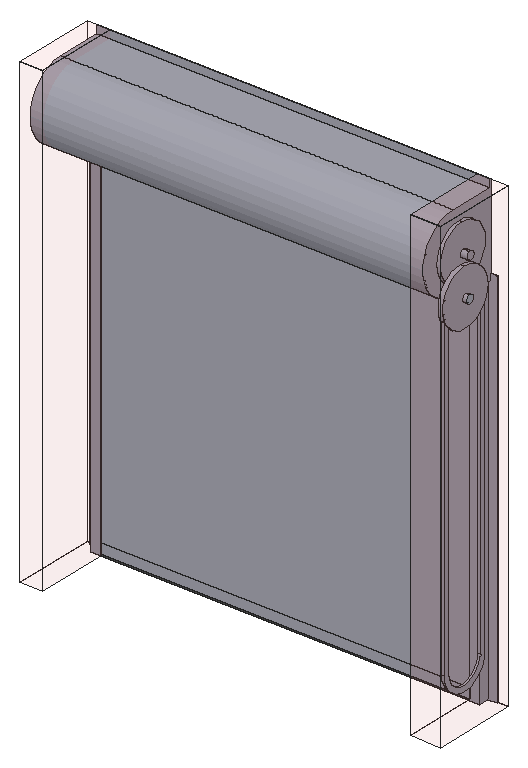
Revit family
Parameters (values of type "Model 926 Chain Hoist Operation")
  XY [instance] = 1' - 10"
  Warranty Duration (Years) = 0
  URL = "http://www.wayne-dalton.com/commercial/Pages/default.aspx"
  Standards Conformance = "Light Use"
  Specification = "http://www.arcat.com/sdspecs/htm04/08_33_00way.htm"
  Sideroom Clearance [instance] = ARCAT Clearance
  Send Message = "http://www.arcat.com/users.pl?action=UserEmail&company=Wayne-Dalton+Corp.&coid=36462&rep=108&fax=&mf="
  Sales Information = "http://commercial.wayne-dalton.com/contact.asp"
  STC Rating [instance] = 0
  Rough Width = 0' - 0"  # constant formula
  Rough Height = 0' - 0"  # constant formula
  Recycled Content [instance] = "as Specified"
  R-Value = 0
  R [instance] = 0' - 8"
  Product Properties = ""
  Product Data = "http://arcat.com/arcatcos/cos36/arc36462.html"
  Offset from Interior Wall [instance] = 0' - 0 1/2"
  Mount to Masonry [instance] = yes
  Model = "Model 926"
  Maximum Size = "12 x 12 ft. Contact Wayne Dalton for larger sizes."
  Manufacturer Website = "http://www.wayne-dalton.com/commercial/Pages/default.aspx"
  Manufacturer Phone - Toll Free = "800-827-3667"
  Manufacturer Phone = ""
  Manufacturer Fax = ""
  Manufacturer Address = "2501 S. State Highway 121 Suite 200   Lewisville, TX 75067"
  Manufacturer = "Wayne Dalton Corp."
  Maintenance Schedule (Months) = 0
  Lift Travel Speed = "Determined by Door Operation"
  L [instance] = 0' - 6"
  Keynote = "08 33 00"
  Jamb Width_Sides = 0' - 3"
  Installation-Fabrication = ""
  Installation Phase = ""
  Include Sideroom Clearances [instance] = yes
  Include Chain Hoist = yes
  Height = 0' - 0"  # constant formula
  H [instance] = 0' - 2"
  Green Building-LEED = ""
  GD [instance] = 0' - 2 5/16"  # constant formula
  Function = (empty or 0)
  Frame Material [instance] = Metal - Steel
  Frame Finish [instance] = Metal - Wayne Dalton - Gray
  Fire Rating = "As Specified"
  Extend Hood Right [instance] = 0' - 3 1/4"
  Extend Hood Left [instance] = 0' - 3 1/4"
  Expected Lifespan (Years) = 0
  Drawn By = "Sumex Design, Inc. / Robert S. Weygant, CSI, CDT, SCIP"
  Description = "Wayne Dalton Overhead Chain Hoisted Coiling Service Door - Model 926 as Specified"
  Wall Closure = (empty or 0)
  Width = 0' - 0"  # constant formula
  Curtain Finish [instance] = Metal - Wayne Dalton - Gray 3in Slats
  Copyright = "©Arcat Inc."
  Construction Details = ""
  Clear Opening Width [instance] = 8' - 0"
  Clear Opening Height [instance] = 8' - 0"
  Bottom Seal Color [instance] = Plastic - Black
  Bottom Bar Height [instance] = 0' - 3"
  Available Options [instance] = "as Specified"
  Available LEED Credit [instance] = "as Specified"
  Assembly Code = "B2030400"
  Approx Frame Depth [instance] = H + 0' 0 7/8"  # 0' - 2 7/8"
  AAMA Designation [instance] = "as Specified"
Types (6): name | Standards Conformance | Model | Maximum Size | Include Chain Hoist | Description
  Model 926 Chain Hoist Operation | "Light Use" | "Model 926" | "12 x 12 ft. Contact Wayne Dalton for larger sizes." | yes | "Wayne Dalton Overhead Chain Hoisted Coiling Service Door - Model 926 as Specified"
  Model 926 Motor Operation | "Light Use" | "Model 926" | "12 x 12 ft. Contact Wayne Dalton for larger sizes." | no | "Wayne Dalton Overhead Motorized Coiling Service Door - Model 926 as Specified"
  Model 926 Manual Operation | "Light Use" | "Model 926" | "12 x 12 ft. Contact Wayne Dalton for larger sizes." | no | "Wayne Dalton Overhead Manual Coiling Service Door - Model 926 as Specified"
  Model 900 Chain Hoist Operation | "Moderate Use" | "Model 900" | "14 x 14 ft. Contact Wayne Dalton for larger sizes." | yes | "Wayne Dalton Overhead Chain Hoisted Coiling Service Door - Model 900 as Specified"
  Model 900 Motor Operation | "Moderate Use" | "Model 900" | "14 x 14 ft. Contact Wayne Dalton for larger sizes." | no | "Wayne Dalton Overhead Motorized Coiling Service Door - Model 900 as Specified"
  Model 900 Manual Operation | "Moderate Use" | "Model 900" | "14 x 14 ft. Contact Wayne Dalton for larger sizes." | no | "Wayne Dalton Overhead Manual Coiling Service Door - Model 900 as Specified"
Reference planes (in)
  plane 1 "Center (Front/Back)": y = 1.6426
  plane 2: z = 96
  plane 3 "Center (Left/Right)": x = -0.5
  plane 4 "Left": x = -48.5
  plane 5 "Right": x = 47.5
  plane 6 "Bottom": z = 0
  plane 7 "Wall Int": y = -1.3574
  plane 8 "Wall Ext": y = 4.6426
  plane 9: y = -1.8574
  plane 10: y = -3.8574
  plane 11: x = -54.5
  plane 12: x = 55.5
Forms (in)
  Extrusion 1, void
    sketch origin (0, 1.6426, 0) x (1, 0, 0) y (0, 0, 1)
      loop
        line (-48.5, 96) -> (-48.5, 0) -> (47.5, 0) -> (47.5, 96) -> (-48.5, 96)
    from -3 to 3
Text (in)
  text "EXTERIOR" at (-58.6888, 13.80127, 0), in view "Plan"
  text "INTERIOR" at (-58.6888, -8.43329, 0), in view "Plan"
  text "Exterior" at (0, 43.65631, 123.19604), in view "Left"
  text "Exterior" at (0, 18.29385, 125.04747), in view "Right"
Dimensions and locks (in)
  equal spacing: plane 4 "Left", plane 3 "Center (Left/Right)", plane 5 "Right"
  "Clear Opening Width": plane 4 "Left" to plane 5 "Right"
  "Offset from Interior Wall": plane 7 "Wall Int" to plane 9
  "H": plane 9 to plane 10
  "Clear Opening Height": plane 2 to level
  "R": plane 5 "Right" to plane 12
  "L": plane 11 to plane 4 "Left"
  aligned and locked: plane 1 "Center (Front/Back)" to host wall
  aligned and locked: plane 7 "Wall Int" to host wall
  aligned and locked: plane 8 "Wall Ext" to host wall
  aligned and locked: nested 1 to plane 7 "Wall Int"
  aligned and locked: plane 3 "Center (Left/Right)" to nested 1
  aligned and locked: plane 5 "Right" to Extrusion 1 sketch curve
  aligned and locked: Extrusion 1 sketch curve to plane 4 "Left"
  aligned and locked: Extrusion 1 sketch curve to plane 2
  aligned and locked: level to Extrusion 1 sketch curve
  aligned and locked: Extrusion 1 to plane 7 "Wall Int"
  aligned and locked: plane 8 "Wall Ext" to Extrusion 1
Nested families (in)
  nested 1: "900Face" at (-0.5, -1.3574, 0), Offset from Wall <- "Offset from Interior Wall", clear opening width <- "Clear Opening Width", clear opening height <- "Clear Opening Height", GD <- "GD", H <- "H", X <- "XY", Y <- "XY", Bottom Bar Height <- "Bottom Bar Height", Mount to Masonry <- "Mount to Masonry", Include Chain Hoist <- "Include Chain Hoist", Frame Finish <- "Frame Finish", Curtain Finish <- "Curtain Finish", Bottom Seal Finish <- "Bottom Seal Color", Extend Hood Right <- "Extend Hood Right", Extend Hood Left <- "Extend Hood Left", R <- "R", L <- "L", Include Sideroom Clearance <- "Include Sideroom Clearances", Sideroom Clearance <- "Sideroom Clearance", type "900Face"
    with clear opening width 8' - 0", clear opening height 8' - 0", Y 1' - 10", Xalt 1' - 8", X 1' - 10", Sideroom Clearance ARCAT Clearance, R 0' - 8", Offset from Wall 0' - 0 1/2", Mount to Masonry yes, L 0' - 6", Include Sideroom Clearance yes, Include Chain Hoist yes, H 0' - 2", GD 0' - 2 5/16", Frame Finish Metal - Wayne Dalton - Gray, Extend Hood Right 0' - 3 1/4", Extend Hood Left 0' - 3 1/4", Curtain Finish Metal - Wayne Dalton - Gray 3in Slats, Bottom Seal Finish Plastic - Black, Bottom Bar Height 0' - 3"
Definition of nested family "900Face"
  Parameters (values of type "800Face")
    clear opening width [instance] = 6' - 0"
    clear opening height [instance] = 6' - 9.17662"
    Y [instance] = 1' - 10"
    Xalt [instance] = X - 0' 2"  # 1' - 8"
    X [instance] = 1' - 10"
    Sideroom Clearance [instance] = none
    R [instance] = 1' - 3.05489"
    Offset from Wall [instance] = 0' - 1"
    Mount to Masonry [instance] = yes
    L [instance] = 0' - 11.69511"
    Include Sideroom Clearance [instance] = yes
    Include Chain Hoist [instance] = yes
    H [instance] = 0' - 2"
    GD [instance] = 0' - 2 3/4"
    Frame Finish [instance] = none
    Extend Hood Right [instance] = 1' - 10.05489"
    Extend Hood Left [instance] = 1' - 8.69511"
    Curtain Finish [instance] = none
    Bottom Seal Finish [instance] = none
    Bottom Bar Height [instance] = 0' - 4.08698"
    Assembly Code = ""
  Reference planes (in)
    plane 1 "Center (Front/Back)": y = 0
    plane 2: z = 0
    plane 3 "Center (Left/Right)": x = 0
    plane 4: x = -36
    plane 5: x = 36
    plane 6: x = -36.25
    plane 7: x = 36.25
    plane 8: x = -39
    plane 9: x = 39
    plane 10: x = -41.6875
    plane 11: x = 41.6875
    plane 12: y = -3
    plane 13: y = -3.875
    plane 14: y = -1
    plane 15: z = 83.17662
    plane 16: z = 85.17662
    plane 17: z = 105.17662
    plane 18: y = -23
    plane 19: z = 107.17662
    plane 20: x = -39.25
    plane 21: x = 39.25
    plane 22: z = 95.17662
    plane 23: z = 4.08698
    plane 24: z = 81.17662
    plane 25: x = 58.05489
    plane 26: x = -56.69511
    plane 27: x = -47.69511
    plane 28: x = 51.05489
  Forms (in)
    Extrusion 1, solid, material <- "Frame Finish"
      sketch origin (0, 0, 0) x (1, 0, 0) y (0, 1, 0)
        loop
          line (-36.25, -1) -> (-39.25, -1) -> (-39.25, -3.875) -> (-36.25, -3.875) -> (-36.25, -1)
        loop
          line (36.25, -1) -> (36.25, -3.875) -> (39.25, -3.875) -> (39.25, -1) -> (36.25, -1)
      from 0 to 83.17662
    Extrusion 2, solid, material <- "Frame Finish", visible <- "Mount to Masonry"
      sketch origin (0, 0, 0) x (1, 0, 0) y (0, 1, 0)
        loop
          line (-39.25, -1) -> (-41.6875, -1) -> (-41.6875, -1.1875) -> (-39.25, -1.1875) -> (-39.25, -1)
        loop
          line (39.25, -1) -> (39.25, -1.1875) -> (41.6875, -1.1875) -> (41.6875, -1) -> (39.25, -1)
      from 0 to 85.17662
    Extrusion 3, solid, material <- "Frame Finish"
      sketch origin (0, -7.63151, 0) x (0, -1, 0) y (0, 0, -1)
        loop
          line (-6.63151, -83.17662) -> (-6.63151, -105.17662) -> (-6.63151, -107.17662) -> (-6.38151, -107.17662) -> (-6.38151, -105.17662) -> (5.36849, -105.17662)
          arc (5.36849, -105.17662) -> (15.36849, -95.17662) -> (5.36849, -85.17662) r 10
          line (5.36849, -85.17662) -> (0.86849, -85.17662) -> (0.86849, -83.17662) -> (-6.63151, -83.17662)
      from -56.69511 to 58.05489
    Extrusion 4, solid, material <- "Curtain Finish"
      sketch origin (-49.98362, -3.875, 48) x (-1, 0, 0) y (0, 0, 1)
        loop
          line (-13.73362, 35.17662) -> (-86.23362, 35.17662) -> (-86.23362, -48) -> (-13.73362, -48) -> (-13.73362, 35.17662)
      from 0.125 to 1
    Extrusion 5, solid, material <- "Frame Finish"
      sketch origin (-39.25, -180, 12) x (0, 0, -1) y (0, -1, 0)
        loop
          circle (-83.17662, -167.8155) r 5.8095
      from 0 to 2.02615
    Extrusion 6, solid, material <- "Frame Finish", visible <- "Include Chain Hoist"
      sketch origin (39.25, -180, 7.25) x (0, 0, -1) y (0, -1, 0)
        loop
          circle (-87.92662, -168) r 7.25
      from -2.00792 to -1.11996
    Extrusion 7, solid, material <- "Frame Finish", visible <- "Include Chain Hoist"
      sketch origin (39.25, -180, 7.25) x (0, 0, -1) y (0, -1, 0)
        loop
          circle (-79.17662, -166) r 7.25
      from -4.25743 to -3.07348
    Extrusion 8, solid, material <- "Frame Finish", visible <- "Include Chain Hoist"
      sketch origin (39.25, -180, 7.25) x (0, 0, -1) y (0, -1, 0)
        loop
          circle (-87.92662, -168) r 1
      from 0 to -3.99104
    Extrusion 9, solid, material <- "Frame Finish", visible <- "Include Chain Hoist"
      sketch origin (39.25, -180, 7.25) x (0, 0, -1) y (0, -1, 0)
        loop
          circle (-79.17662, -166) r 1
      from 0 to -5.5
    Extrusion 10, solid, material <- "Frame Finish", visible <- "Include Chain Hoist"
      sketch origin (39.25, -180, 7.25) x (0, 0, -1) y (0, -1, 0)
        loop
          circle (-79.17662, -166) r 2
      from -2.25344 to -0.91059
    Extrusion 11, solid, material <- "Frame Finish", visible <- "Include Chain Hoist"
      sketch origin (42.32348, -180, 7.25) x (0, 0, -1) y (0, -1, 0)
        loop
          line (-79.17662, -172.5) -> (-8.17662, -172.5)
          arc (-8.17662, -172.5) -> (-1.67662, -166) -> (-8.17662, -159.5) r 6.5
          line (-8.17662, -159.5) -> (-79.17662, -159.5)
          arc (-79.17662, -159.5) -> (-85.67662, -166) -> (-79.17662, -172.5) r 6.5
        loop
          arc (-79.17662, -160.75) -> (-84.42662, -166) -> (-79.17662, -171.25) r 5.25
          line (-79.17662, -171.25) -> (-8.17662, -171.25)
          arc (-8.17662, -171.25) -> (-2.92662, -166) -> (-8.17662, -160.75) r 5.25
          line (-8.17662, -160.75) -> (-79.17662, -160.75)
      from -0.24322 to -0.91756
    Extrusion 12, solid, material <- "Frame Finish"
      sketch origin (0, 0, 0) x (0, 1, 0) y (0, 0, 1)
        loop
          line (-2.82789, 0) -> (-2.82789, 0.5) -> (-2.73182, 0.5) -> (-2.73182, 4.08698) -> (-3.875, 4.08698) -> (-3.875, 0.5) -> (-3.78423, 0.5) -> (-3.78423, 0) -> (-2.82789, 0)
      from -36.25 to 36.25
    Extrusion 13, solid, material <- "Sideroom Clearance", visible <- "Include Sideroom Clearance"
      sketch origin (-49.98362, -1, 48) x (-1, 0, 0) y (0, 0, 1)
        loop
          line (-13.98362, -48) -> (-2.28851, -48) -> (-2.28851, 59.17662) -> (-13.98362, 59.17662) -> (-13.98362, -48)
        loop
          line (-85.98362, -48) -> (-85.98362, 59.17662) -> (-101.03851, 59.17662) -> (-101.03851, -48) -> (-85.98362, -48)
      from 0 to -22
  Dimensions and locks (in)
    equal spacing: plane 4, plane 3 "Center (Left/Right)", plane 5
    "clear opening width": plane 4 to plane 5
    locked: plane 6 to plane 4 at 0.25
    locked: plane 5 to plane 7 at 0.25
    "GD": plane 8 to plane 6
    "GD": plane 7 to plane 9
    locked: plane 10 to plane 8 at 2.6875
    locked: plane 9 to plane 11 at 2.6875
    locked: plane 12 to plane 13 at 0.875
    "Offset from Wall": plane 14 to plane 1 "Center (Front/Back)"
    "H": plane 14 to plane 12
    locked: Extrusion 1 sketch curve to plane 8 at 0.25
    locked: plane 9 to Extrusion 1 sketch curve at 0.25
    locked: plane 14 to Extrusion 2 sketch curve at 0.1875  (x2)
    locked: Extrusion 2 sketch curve to plane 8 at 0.25
    locked: plane 9 to Extrusion 2 sketch curve at 0.25
    "clear opening height": plane 24 to level
    locked: plane 16 to plane 15 at 2
    "Xalt": plane 17 to plane 16
    "Xalt": Extrusion 3 sketch curve to Extrusion 3 sketch curve
    "Y": plane 18 to plane 14
    locked: plane 18 to Extrusion 3 sketch curve at 0
    locked: Extrusion 3 sketch curve to plane 14 at 7.5
    locked: plane 19 to plane 17 at 2
    locked: Extrusion 3 sketch curve to plane 14 at 0.25
    locked: plane 8 to plane 20 at 0.25
    locked: plane 21 to plane 9 at 0.25
    equal spacing: plane 17, Extrusion 5 sketch curve, plane 16
    locked: plane 18 to Extrusion 5 sketch curve at 10.8155
    equal spacing: plane 17, Extrusion 6 sketch curve, plane 16
    locked: plane 18 to Extrusion 6 sketch curve at 11
    equal spacing: plane 17, plane 22, plane 16
    locked: plane 22 to Extrusion 7 sketch curve at 8.75
    locked: plane 18 to Extrusion 7 sketch curve at 9
    equal spacing: plane 17, Extrusion 8 sketch curve, plane 16
    locked: plane 18 to Extrusion 8 sketch curve at 11
    locked: plane 22 to Extrusion 9 sketch curve at 8.75
    locked: plane 18 to Extrusion 9 sketch curve at 9
    locked: plane 18 to Extrusion 10 sketch curve at 9
    locked: plane 22 to Extrusion 10 sketch curve at 8.75
    locked: Extrusion 11 sketch curve to level at 15.42662
    locked: plane 22 to Extrusion 11 sketch curve at 8.75
    plane 18 to Extrusion 11 sketch curve to Extrusion 11 sketch curve = 0' - 2 1/2" locked, 1' - 1" locked
    locked: Extrusion 11 sketch curve to Extrusion 11 sketch curve at 1.25  (x2)
    "Bottom Bar Height": plane 23 to level
    locked: Extrusion 12 sketch curve to level at 0.5
    plane 13 to Extrusion 12 sketch curve to Extrusion 12 sketch curve to Extrusion 12 sketch curve to Extrusion 12 sketch curve = 0' - 0" locked, 0' - 0.09077" locked, 0' - 0.95633" locked, 0' - 0.09608" locked
    locked: plane 15 to plane 24 at 2
    "Extend Hood Left": plane 4 to plane 26
    "Extend Hood Right": plane 25 to plane 5
    "R": plane 28 to plane 5
    "L": plane 4 to plane 27
    aligned and locked: plane 2 to level
    aligned and locked: plane 14 to Extrusion 1 sketch curve
    aligned and locked: plane 6 to Extrusion 1 sketch curve
    aligned and locked: Extrusion 1 sketch curve to plane 13  (x2)
    aligned and locked: plane 7 to Extrusion 1 sketch curve
    aligned and locked: Extrusion 1 sketch curve to plane 14
    aligned and locked: Extrusion 2 sketch curve to plane 10
    aligned and locked: Extrusion 2 sketch curve to plane 11
    aligned and locked: plane 14 to Extrusion 2 sketch curve  (x2)
    aligned and locked: Extrusion 3 sketch curve to plane 17
    aligned and locked: Extrusion 3 sketch curve to plane 14
    aligned and locked: plane 19 to Extrusion 3 sketch curve
    aligned: Extrusion 3 to plane 20
    aligned: Extrusion 3 to plane 21
    aligned and locked: plane 15 to Extrusion 1
    aligned: plane 15 to Extrusion 2
    aligned and locked: Extrusion 4 sketch curve to plane 7
    aligned and locked: plane 6 to Extrusion 4 sketch curve
    aligned and locked: Extrusion 4 sketch curve to plane 15
    aligned and locked: Extrusion 12 sketch curve to Extrusion 12 sketch curve
    aligned and locked: plane 23 to Extrusion 12 sketch curve
    aligned and locked: Extrusion 12 to plane 6
    aligned and locked: plane 7 to Extrusion 12
    aligned and locked: plane 16 to Extrusion 3 sketch curve
    aligned and locked: plane 15 to Extrusion 3 sketch curve
    aligned and locked: plane 16 to Extrusion 2
    aligned and locked: plane 25 to Extrusion 3
    aligned and locked: Extrusion 3 to plane 26
    aligned and locked: plane 4 to Extrusion 13 sketch curve
    aligned and locked: plane 27 to Extrusion 13 sketch curve
    aligned and locked: level to Extrusion 13 sketch curve
    aligned and locked: Extrusion 13 sketch curve to plane 19
    aligned and locked: plane 19 to Extrusion 13 sketch curve
    aligned and locked: plane 5 to Extrusion 13 sketch curve
    aligned and locked: plane 28 to Extrusion 13 sketch curve
    aligned and locked: Extrusion 13 sketch curve to level
    aligned and locked: Extrusion 13 to plane 18
  Automatic sketch dimensions
    Extrusion 4 sketch curve to level = 0' - 0"
    Extrusion 11 sketch curve to Extrusion 11 sketch curve = 0' - 0"  (x2)
    Extrusion 12 sketch curve to level = 0' - 0"
    Extrusion 3 sketch curve to plane 17 = 0' - 0"
    radius of Extrusion 5 sketch curve = 0' - 5.8095"
    radius of Extrusion 6 sketch curve = 0' - 7 1/4"
    radius of Extrusion 7 sketch curve = 0' - 7 1/4"
    radius of Extrusion 8 sketch curve = 0' - 1"
    radius of Extrusion 9 sketch curve = 0' - 1"
    radius of Extrusion 10 sketch curve = 0' - 2"
